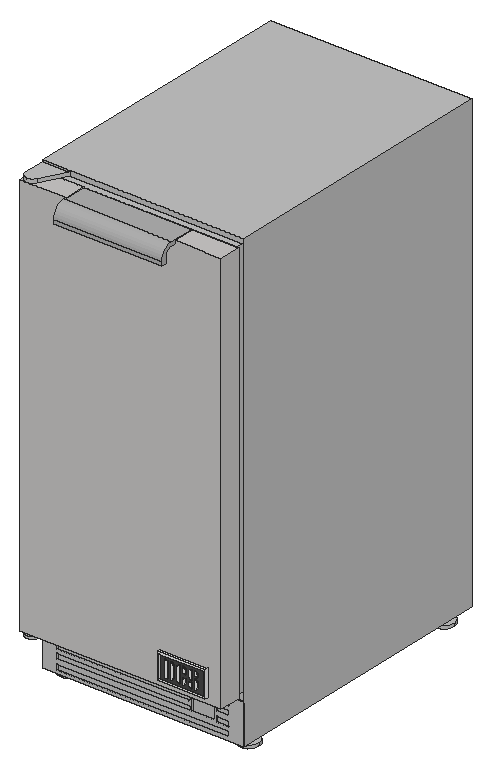
Revit family "RF15IL2_Outdoor_Fridge_9000xxxxxxA", category Specialty Equipment, Revit 2018
Family settings
  Round Connector Dimension = Use Diameter
  Part Type = Normal
  OmniClass Number = 23.40.40.00
  OmniClass Title = Food Service Equipment and Furnishings
  Work Plane-Based = No
  Always vertical = Yes
  Cut with Voids When Loaded = Yes
  Shared = No
  Room Calculation Point = No
Parameters
  Visibility - Clearance Required = yes
  URL = "www.dcsappliances.com"
  Product - Width = 378 mm  # constant formula
  Product - Height (870mm to 889mm) = 870 mm
  Product - Depth = 630 mm  # constant formula
  Model = "RF15IL2"
  Material - Handle = DCS - Aluminium
  Material - Door Front = DCS - Stainless Steel
  Material - Body = DCS - Grey
  Manufacturer = "Fisher & Paykel Appliances"
  Keynote = ""
  Description = "Outdoor Clear Ice Maker"
  Connector Description - Electrical = "110-120 V, 60 Hz, 15 A dedicated circuit"
  Chassis - Width = 378 mm  # constant formula
  Chassis - Height = 854 mm  # constant formula
  Chassis - Depth = 546 mm  # constant formula
  Cavity - Width = 381 mm  # constant formula
  Cavity - Height (876mm to 895mm) = 889 mm  # constant formula
  Cavity - Depth = 610 mm  # constant formula
Reference planes
  plane 1 "Center (Front/Back)": y = 0
  plane 2: z = 0
  plane 3 "Center (Left/Right)": x = 0
  plane 4 "Product - LHS": x = -189
  plane 5 "Product - RHS": x = 189
  plane 6 "Cavity - LHS": x = -190.5
  plane 7 "Cavity - RHS": x = 190.5
  plane 8 "Product - Height": z = 870
  plane 9 "Cavity - Height": z = 876
  plane 10 "Chassis - Base": z = 16
  plane 11 "Door Front": y = -54
  plane 12 "Product - Depth": y = 546
  plane 13 "Cavity - Depth": y = 610
Forms (mm)
  Extrusion 1, solid, material "DCS - Grey" <- "Material - Body"
    sketch origin (0, 0, 0) x (0, 1, 0) y (0, 0, 1)
      loop
        line (0, 870) -> (0, 16) -> (534.001, 16) -> (534.001, 870) -> (0, 870)
    from -189 to 189
  Extrusion 2, solid, material "DCS - Aluminium" <- "Material - Handle"
    sketch origin (0, 0, 0) x (0, 1, 0) y (0, 0, 1)
      loop
        line (-13.13, 860.6) -> (-59.922, 860.6)
        arc (-59.922, 860.6) -> (-76.948, 853.548) -> (-84, 836.522) r 24.078
        line (-84, 836.522) -> (-84, 830.34) -> (-75.11, 830.34) -> (-75.11, 844.71)
        arc (-75.11, 844.71) -> (-69.603, 851.111) -> (-61.504, 853.5) r 14.926
        line (-61.504, 853.5) -> (-13.13, 853.5) -> (-13.13, 860.6)
    from -101.5 to 101.5
  Extrusion 3, solid, material "DCS - Grey" <- "Material - Body"
    sketch origin (0, 0, 1000) x (1, 0, 0) y (0, 0, 1)
      loop
        circle (-127.7, -859.9) r 7
    from -560.439 to -546
  Extrusion 4, solid, material "DCS - Clearance Required", visible <- "Visibility - Clearance Required", detail levels coarse
    sketch origin (0, 0, 0) x (1, 0, 0) y (0, 1, 0)
      loop
        line (-190.5, 610) -> (-190.5, 0) -> (190.5, 0) -> (190.5, 610) -> (-190.5, 610)
    from 0 to 876
  Extrusion 5, solid, material "DCS - Grey" <- "Material - Body"
    sketch origin (0, 0, 0) x (0, 1, 0) y (0, 0, 1)
      loop
        line (-13.13, 860.6) -> (-13.13, 107.384) -> (0, 107.384) -> (0, 860.6) -> (-13.13, 860.6)
    from -185.649 to 185.649
  Extrusion 6, solid, material "DCS - Grey" <- "Material - Body"
    sketch origin (0, 0, 0) x (1, 0, 0) y (0, 1, 0)
      loop
        circle (-168.3, 37) r 19
      loop
        circle (-168.3, 495.5) r 19
      loop
        circle (168.3, 37) r 19
      loop
        circle (168.3, 495.5) r 19
    from 0 to 4.9
  Extrusion 7, solid, material "DCS - Grey" <- "Material - Body"
    sketch origin (0, 0, 0) x (1, 0, 0) y (0, 1, 0)
      loop
        circle (-168.3, 495.5) r 6
      loop
        circle (-168.3, 37) r 6
      loop
        circle (168.3, 495.5) r 6
      loop
        circle (168.3, 37) r 6
    from 4.9 to 16
  Extrusion 8, solid, material "DCS - Clearance Required", visible <- "Visibility - Clearance Required", detail levels coarse
    sketch origin (0, 0, 0) x (1, 0, 0) y (0, 1, 0)
      loop
        line (-189, -54) -> (-189, -141.528) -> (-219, -141.528) -> (-219, -344.472) -> (-189, -344.472) -> (-189, -432)
        arc (-189, -432) -> (78.286, -321.286) -> (189, -54) r 378
        line (189, -54) -> (-189, -54)
    from 102.24 to 860.6
  Extrusion 9, solid, material "DCS - Grey" <- "Material - Body", detail levels fine
    sketch origin (0, 0, 0) x (1, 0, 0) y (0, 1, 0)
      loop
        line (-163.724, -45.856) -> (-138.951, 0) -> (-189, 0) -> (-189, -40.895)
        arc (-189, -40.895) -> (-178.403, -53.774) -> (-163.724, -45.856) r 13.125
    from 860.6 to 866.898
  Extrusion 10, solid, material "DCS - Grey" <- "Material - Body", detail levels fine
    sketch origin (0, 0, 0) x (1, 0, 0) y (0, 1, 0)
      loop
        line (-163.724, -45.856) -> (-138.951, 0) -> (-189, 0) -> (-189, -40.895)
        arc (-189, -40.895) -> (-178.403, -53.774) -> (-163.724, -45.856) r 13.125
    from 93.901 to 97.228
  Extrusion 11, void
    sketch origin (0, 0, 0) x (1, 0, 0) y (0, 1, 0)
      loop
        line (-190.5, 610) -> (-190.5, 0) -> (190.5, 0) -> (190.5, 610) -> (-190.5, 610)
    from 0 to 876
  Extrusion 12, solid, material "DCS - Stainless Steel" <- "Material - Door Front"
    sketch origin (0, 0, 0) x (1, 0, 0) y (0, 0, 1)
      loop
        line (-189, 860.6) -> (-189, 102.24) -> (189, 102.24) -> (189, 860.6) -> (101.5, 860.6) -> (101.5, 853.5) -> (-101.5, 853.5) -> (-101.5, 860.6) -> (-189, 860.6)
    from 13.13 to 54
  Extrusion 13, solid, material "DCS - Grey" <- "Material - Body"
    sketch origin (0, 0, 0) x (0, 1, 0) y (0, 0, 1)
      loop
        line (534.001, 857.291) -> (534.001, 219.208) -> (546, 219.208) -> (546, 857.291) -> (534.001, 857.291)
    from -170 to 170
  Extrusion 14, solid, material "DCS - Grey" <- "Material - Body", detail levels fine
    sketch origin (0, 0, 0) x (1, 0, 0) y (0, 0, 1)
      loop
        line (-189, 92.2) -> (-189, 16) -> (189, 16) -> (189, 92.2) -> (-189, 92.2)
      loop
        line (-161.503, 85.316) -> (-161.503, 75.714) -> (161.503, 75.714) -> (161.503, 85.316) -> (-161.503, 85.316)
      loop
        line (-161.503, 67.703) -> (-161.503, 58.103) -> (89.122, 58.103) -> (89.122, 67.703) -> (-161.503, 67.703)
      loop
        line (-161.503, 50.097) -> (-161.503, 40.488) -> (89.122, 40.488) -> (89.122, 50.097) -> (-161.503, 50.097)
      loop
        line (-161.503, 32.484) -> (-161.503, 22.882) -> (161.503, 22.882) -> (161.503, 32.484) -> (-161.503, 32.484)
      loop
        line (138.096, 67.703) -> (138.096, 58.103) -> (161.503, 58.103) -> (161.503, 67.703) -> (138.096, 67.703)
      loop
        line (138.096, 50.097) -> (138.096, 40.488) -> (161.503, 40.488) -> (161.503, 50.097) -> (138.096, 50.097)
      loop
        line (92.19, 69.995) -> (92.19, 42.464) -> (135.024, 42.464) -> (135.024, 69.995) -> (92.19, 69.995)
    from 0 to 1
  Extrusion 15, solid, material "DCS - Grey" <- "Material - Body", detail levels fine
    sketch origin (0, 0, 0) x (1, 0, 0) y (0, 0, 1)
      loop
        circle (-127.7, 140.1) r 15.6
    from -546 to -534.001
Text (mm)
  text "Due to ongoing product development, product details are subject to change without notice. \nPlease always refer to www.fisherpaykel.com for the most current product information. \n© Fisher & Paykel 2020" at (41.04, -459.323, 0), in view "Ref. Level (Plan)"
Dimensions and locks
  equal spacing: plane 4 "Product - LHS", plane 3 "Center (Left/Right)", plane 5 "Product - RHS"
  plane 4 "Product - LHS" to plane 5 "Product - RHS" = 378 mm
  equal spacing: plane 6 "Cavity - LHS", plane 3 "Center (Left/Right)", plane 7 "Cavity - RHS"
  "Cavity - Width": plane 6 "Cavity - LHS" to plane 7 "Cavity - RHS"
  "Product - Height (870mm to 889mm)": plane 8 "Product - Height" to level
  locked: plane 9 "Cavity - Height" to plane 8 "Product - Height" at 6
  "Chassis - Height": plane 8 "Product - Height" to plane 10 "Chassis - Base"
  equal spacing: Extrusion 5, plane 3 "Center (Left/Right)", Extrusion 5
  locked: Extrusion 3 sketch curve to plane 10 "Chassis - Base" at 124.1
  locked: Extrusion 6 to level at 4.9
  locked: plane 10 "Chassis - Base" to Extrusion 8 at 86.24
  locked: plane 10 "Chassis - Base" to Extrusion 10 at 77.901
  locked: Extrusion 10 to Extrusion 10 at 3.327
  locked: plane 8 "Product - Height" to Extrusion 9 at 3.102  (x2)
  locked: nested 1 to plane 10 "Chassis - Base" at 146.24
  locked: plane 8 "Product - Height" to Extrusion 8 at 9.4
  "Product - Width": plane 4 "Product - LHS" to plane 5 "Product - RHS"
  locked: plane 10 "Chassis - Base" to Extrusion 15 sketch curve at 124.1
  locked: plane 11 "Door Front" to Extrusion 2 at 30
  "Chassis - Depth": plane 12 "Product - Depth" to plane 1 "Center (Front/Back)"
  "Product - Depth": plane 12 "Product - Depth" to Extrusion 2
  plane 13 "Cavity - Depth" to plane 1 "Center (Front/Back)" = 610 mm
  aligned and locked: level to plane 2
  aligned and locked: Extrusion 1 to plane 5 "Product - RHS"
  aligned and locked: plane 4 "Product - LHS" to Extrusion 1
  aligned and locked: plane 8 "Product - Height" to Extrusion 1
  aligned and locked: Extrusion 4 to level
  aligned and locked: plane 9 "Cavity - Height" to Extrusion 4
  aligned and locked: Extrusion 6 to level
  aligned and locked: Extrusion 7 to Extrusion 1
  aligned and locked: Extrusion 7 to Extrusion 6
  aligned and locked: Extrusion 1 to plane 10 "Chassis - Base"
  aligned and locked: Extrusion 11 to Extrusion 4  (x2)
  aligned and locked: Extrusion 9 to Extrusion 2
  aligned and locked: Extrusion 1 to Extrusion 13 sketch curve
  aligned and locked: Extrusion 12 to Extrusion 2
  aligned and locked: Extrusion 14 sketch curve to Extrusion 14 sketch curve
Automatic sketch dimensions
  plane 11 "Door Front" to Extrusion 2 sketch curve = 40.87 mm
  Extrusion 2 sketch curve to Extrusion 2 sketch curve = 46.792 mm
  Extrusion 2 sketch curve to Extrusion 2 sketch curve = 1.582 mm
  Extrusion 2 sketch curve to Extrusion 2 sketch curve = 13.606 mm
  Extrusion 2 sketch curve to Extrusion 2 sketch curve = 8.89 mm
  Extrusion 2 sketch curve to plane 8 "Product - Height" = 39.66 mm
  Extrusion 2 sketch curve to Extrusion 2 sketch curve = 6.182 mm
  Extrusion 2 sketch curve to Extrusion 2 sketch curve = 2.052 mm
  Extrusion 2 sketch curve to Extrusion 2 sketch curve = 8.188 mm
  plane 5 "Product - RHS" to Extrusion 3 sketch curve = 316.7 mm
  plane 1 "Center (Front/Back)" to Extrusion 4 sketch curve = 0 mm
  Extrusion 4 sketch curve to plane 6 "Cavity - LHS" = 0 mm
  Extrusion 4 sketch curve to plane 7 "Cavity - RHS" = 0 mm
  Extrusion 5 sketch curve to plane 1 "Center (Front/Back)" = 0 mm
  plane 1 "Center (Front/Back)" to Extrusion 5 sketch curve = 13.13 mm
  Extrusion 6 sketch curve to plane 4 "Product - LHS" = 20.7 mm  (x2)
  plane 5 "Product - RHS" to Extrusion 6 sketch curve = 20.7 mm  (x2)
  Extrusion 6 sketch curve to plane 1 "Center (Front/Back)" = 37 mm  (x2)
  Extrusion 7 sketch curve to plane 4 "Product - LHS" = 20.7 mm  (x2)
  plane 5 "Product - RHS" to Extrusion 7 sketch curve = 20.7 mm  (x2)
  Extrusion 7 sketch curve to plane 1 "Center (Front/Back)" = 37 mm  (x2)
  Extrusion 9 sketch curve to plane 4 "Product - LHS" = 0 mm
  plane 1 "Center (Front/Back)" to Extrusion 9 sketch curve = 0 mm
  Extrusion 9 sketch curve to Extrusion 9 sketch curve = 13.125 mm
  plane 11 "Door Front" to Extrusion 9 sketch curve = 8.144 mm
  Extrusion 9 sketch curve to Extrusion 9 sketch curve = 12.151 mm
  Extrusion 9 sketch curve to plane 4 "Product - LHS" = 50.049 mm
  Extrusion 10 sketch curve to plane 4 "Product - LHS" = 0 mm
  plane 1 "Center (Front/Back)" to Extrusion 10 sketch curve = 0 mm
  Extrusion 10 sketch curve to Extrusion 10 sketch curve = 13.125 mm
  plane 11 "Door Front" to Extrusion 10 sketch curve = 8.144 mm
  Extrusion 10 sketch curve to Extrusion 10 sketch curve = 12.151 mm
  Extrusion 10 sketch curve to plane 4 "Product - LHS" = 50.049 mm
  plane 1 "Center (Front/Back)" to Extrusion 11 sketch curve = 0 mm
  Extrusion 11 sketch curve to plane 6 "Cavity - LHS" = 0 mm
  Extrusion 11 sketch curve to plane 7 "Cavity - RHS" = 0 mm
  plane 4 "Product - LHS" to Extrusion 12 sketch curve = 0 mm
  plane 5 "Product - RHS" to Extrusion 12 sketch curve = 0 mm
  Extrusion 12 sketch curve to plane 3 "Center (Left/Right)" = 101.5 mm
  Extrusion 12 sketch curve to plane 8 "Product - Height" = 16.5 mm
  plane 5 "Product - RHS" to Extrusion 12 sketch curve = 87.5 mm
  plane 10 "Chassis - Base" to Extrusion 12 sketch curve = 86.24 mm
  Extrusion 12 sketch curve to Extrusion 12 sketch curve = 7.1 mm  (x2)
  plane 10 "Chassis - Base" to Extrusion 5 sketch curve = 91.384 mm
  Extrusion 5 sketch curve to plane 8 "Product - Height" = 9.4 mm
  Extrusion 1 sketch curve to plane 1 "Center (Front/Back)" = 0 mm
  Extrusion 1 sketch curve to plane 10 "Chassis - Base" = 0 mm
  Extrusion 1 sketch curve to plane 8 "Product - Height" = 0 mm
  plane 10 "Chassis - Base" to Extrusion 13 sketch curve = 203.208 mm
  Extrusion 13 sketch curve to plane 8 "Product - Height" = 12.709 mm
  plane 4 "Product - LHS" to Extrusion 14 sketch curve = 0 mm
  plane 5 "Product - RHS" to Extrusion 14 sketch curve = 0 mm
  Extrusion 14 sketch curve to plane 10 "Chassis - Base" = 0 mm
  Extrusion 14 sketch curve to plane 4 "Product - LHS" = 27.497 mm  (x2)
  Extrusion 14 sketch curve to Extrusion 14 sketch curve = 0 mm  (x6)
  plane 10 "Chassis - Base" to Extrusion 14 sketch curve = 42.103 mm
  plane 3 "Center (Left/Right)" to Extrusion 14 sketch curve = 89.122 mm
  Extrusion 14 sketch curve to Extrusion 14 sketch curve = 3.068 mm
  Extrusion 14 sketch curve to Extrusion 14 sketch curve = 42.833 mm
  Extrusion 14 sketch curve to Extrusion 14 sketch curve = 3.072 mm
  Extrusion 14 sketch curve to Extrusion 14 sketch curve = 23.407 mm
  plane 10 "Chassis - Base" to Extrusion 14 sketch curve = 6.882 mm
  Extrusion 14 sketch curve to Extrusion 14 sketch curve = 9.602 mm  (x2)
  plane 10 "Chassis - Base" to Extrusion 14 sketch curve = 24.488 mm
  Extrusion 14 sketch curve to Extrusion 14 sketch curve = 17.615 mm
  Extrusion 14 sketch curve to Extrusion 14 sketch curve = 1.976 mm
  Extrusion 14 sketch curve to Extrusion 14 sketch curve = 8.006 mm  (x2)
  Extrusion 14 sketch curve to Extrusion 14 sketch curve = 9.609 mm
  Extrusion 14 sketch curve to Extrusion 14 sketch curve = 9.6 mm  (x2)
  Extrusion 14 sketch curve to Extrusion 14 sketch curve = 2.292 mm
  Extrusion 14 sketch curve to Extrusion 14 sketch curve = 8.011 mm
  Extrusion 14 sketch curve to Extrusion 14 sketch curve = 6.884 mm
  Extrusion 15 sketch curve to plane 4 "Product - LHS" = 61.3 mm
  Extrusion 8 sketch curve to plane 4 "Product - LHS" = 0 mm  (x2)
  Extrusion 8 sketch curve to plane 5 "Product - RHS" = 0 mm
  Extrusion 8 sketch curve to plane 11 "Door Front" = 0 mm
  plane 4 "Product - LHS" to Extrusion 8 sketch curve = 30 mm
  Extrusion 8 sketch curve to Extrusion 8 sketch curve = 87.528 mm
  Extrusion 8 sketch curve to plane 11 "Door Front" = 87.528 mm
  Extrusion 13 sketch curve to Extrusion 13 sketch curve = 11.999 mm
  Extrusion 1 sketch curve to plane 12 "Product - Depth" = 11.999 mm
  plane 12 "Product - Depth" to Extrusion 4 sketch curve = 64 mm
  Extrusion 6 sketch curve to plane 12 "Product - Depth" = 50.5 mm  (x2)
  Extrusion 7 sketch curve to plane 12 "Product - Depth" = 50.5 mm  (x2)
  plane 12 "Product - Depth" to Extrusion 11 sketch curve = 64 mm
  radius of Extrusion 3 sketch curve = 7 mm
  radius of Extrusion 6 sketch curve = 19 mm  (x4)
  radius of Extrusion 7 sketch curve = 6 mm  (x4)
  radius of Extrusion 15 sketch curve = 15.6 mm
Nested families
  nested 1: "DCS Logo New Large" at (118.6, -54, 137.74), type "DCS Logo New Large"
Connectors
  electrical at (-127.7, 560.439, 140.1), driven by "Connector Description - Electrical"
    settings: on Extrusion 3, index 1, voltage 120 V, apparent load 0 VA, apparent load phase1 0 VA, apparent load phase2 0 VA, apparent load phase3 0 VA, power factor 1, load classification "Other", number of poles 1, system type 30, power factor state 1, is connector primary yes, connector utility no, sub classification motor no, connector description "110-120 V, 60 Hz, 15 A dedicated circuit"
Definition of nested family "DCS Logo New Large"
  Parameters (values of type "DCS Logo New Large")
    URL = "www.dcsappliances.com"
    Product - Width = 89.45 mm
    Product - Height = 49 mm
    Product - Depth = 6 mm
    Material - Logo = none
    Material - Body = none
    Manufacturer = "Fisher & Paykel Appliances"
  Reference planes
    plane 1 "Center (Front/Back)": y = 0
    plane 2: z = 0
    plane 3 "Center (Left/Right)": x = 0
    plane 4 "Product Top": z = 24.5
    plane 5 "Product LHS": x = -44.725
    plane 6 "Product RHS": x = 44.725
    plane 7 "Product - Depth": y = -6
    plane 8 "Product Bottom": z = -24.5
  Forms (mm)
    Extrusion 1, solid, material <- "Material - Logo", detail levels medium+fine
      sketch origin (0, 0, -0.347) x (1, 0, 0) y (0, 0, 1)
        loop
          line (-44.725, 24.847) -> (-44.725, -24.153) -> (44.725, -24.153) -> (44.725, 24.847) -> (-44.725, 24.847)
        loop
          line (-41.725, 21.847) -> (-41.725, -21.153) -> (41.725, -21.153) -> (41.725, 21.847) -> (-41.725, 21.847)
      from 0 to 6
    Extrusion 2, solid, material <- "Material - Body", detail levels medium+fine
      sketch origin (0, 0, 0) x (1, 0, 0) y (0, 0, 1)
        loop
          line (-41.725, 21.5) -> (-41.725, -21.5) -> (41.725, -21.5) -> (41.725, 21.5) -> (-41.725, 21.5)
      from 0 to 4.974
    Extrusion 3, solid, material <- "Material - Logo", detail levels fine
      sketch origin (0, 0, 0) x (1, 0, 0) y (0, 0, 1)
        loop
          line (-31.141, 15.364) -> (-31.141, -15.364) -> (-25.323, -15.364) -> (-25.323, 15.364) -> (-31.141, 15.364)
        loop
          arc (-20.07, -15.416) -> (-15.93, -13.415) -> (-14.252, -9.134) r 6.301
          line (-14.252, -9.134) -> (-14.252, 9.134)
          arc (-14.252, 9.134) -> (-15.93, 13.414) -> (-20.07, 15.412) r 6.296
          line (-20.07, 15.412) -> (-20.07, -15.416)
        loop
          arc (-8.445, -9.134) -> (-6.767, -13.414) -> (-2.627, -15.412) r 6.296
          line (-2.627, -15.412) -> (-2.627, 15.416)
          arc (-2.627, 15.416) -> (-6.767, 13.415) -> (-8.445, 9.134) r 6.301
          line (-8.445, 9.134) -> (-8.445, -9.134)
        loop
          arc (2.627, -15.377) -> (6.765, -13.401) -> (8.445, -9.134) r 6.259
          line (8.445, -9.134) -> (8.445, -4.011) -> (2.627, -4.011) -> (2.627, -15.377)
        loop
          arc (8.445, 9.134) -> (6.767, 13.414) -> (2.627, 15.412) r 6.296
          line (2.627, 15.412) -> (2.627, 4.011) -> (8.445, 4.011) -> (8.445, 9.134)
        loop
          line (20.07, -2.527) -> (20.07, 15.375)
          arc (20.07, 15.375) -> (15.932, 13.4) -> (14.252, 9.134) r 6.257
          line (14.252, 9.134) -> (14.252, 4.145)
          arc (14.252, 4.145) -> (16.005, -0.199) -> (20.07, -2.527) r 7.155
        loop
          line (14.252, -6.875) -> (14.252, -9.134)
          arc (14.252, -9.134) -> (15.93, -13.414) -> (20.07, -15.412) r 6.296
          line (20.07, -15.412) -> (20.07, -6.875) -> (14.252, -6.875)
        loop
          line (25.323, 2.499) -> (25.323, -15.378)
          arc (25.323, -15.378) -> (29.461, -13.401) -> (31.141, -9.134) r 6.259
          line (31.141, -9.134) -> (31.141, -4.145)
          arc (31.141, -4.145) -> (29.481, 0.271) -> (25.323, 2.499) r 6.702
        loop
          line (25.323, 6.875) -> (31.141, 6.875) -> (31.141, 9.134)
          arc (31.141, 9.134) -> (29.464, 13.419) -> (25.323, 15.427) r 6.313
          line (25.323, 15.427) -> (25.323, 6.875)
      from 4.974 to 6
  Dimensions and locks
    plane 7 "Product - Depth" to plane 1 "Center (Front/Back)" = 6 mm
    equal spacing: Extrusion 1 sketch curve, plane 3 "Center (Left/Right)", Extrusion 1 sketch curve
    "Product - Depth": plane 7 "Product - Depth" to plane 1 "Center (Front/Back)"
    equal spacing: plane 4 "Product Top", level, plane 8 "Product Bottom"
    "Product - Height": plane 4 "Product Top" to plane 8 "Product Bottom"
    equal spacing: plane 5 "Product LHS", plane 3 "Center (Left/Right)", plane 6 "Product RHS"
    "Product - Width": plane 5 "Product LHS" to plane 6 "Product RHS"
    aligned and locked: level to plane 2
    aligned and locked: Extrusion 1 to plane 7 "Product - Depth"
    aligned and locked: Extrusion 3 to plane 7 "Product - Depth"
    aligned and locked: plane 6 "Product RHS" to Extrusion 1 sketch curve
    aligned and locked: Extrusion 1 sketch curve to plane 4 "Product Top"
    aligned and locked: plane 8 "Product Bottom" to Extrusion 1 sketch curve
    aligned and locked: Extrusion 1 sketch curve to plane 5 "Product LHS"
    aligned and locked: Extrusion 2 sketch curve to Extrusion 1  (x4)
  Automatic sketch dimensions
    Extrusion 3 sketch curve to plane 5 "Product LHS" = 13.584 mm
    Extrusion 3 sketch curve to Extrusion 3 sketch curve = 5.818 mm  (x5)
    Extrusion 3 sketch curve to Extrusion 3 sketch curve = 4.771 mm
    Extrusion 3 sketch curve to Extrusion 3 sketch curve = 4.775 mm
    Extrusion 3 sketch curve to Extrusion 3 sketch curve = 6.296 mm
    Extrusion 3 sketch curve to Extrusion 3 sketch curve = 5.807 mm  (x3)
    Extrusion 3 sketch curve to plane 3 "Center (Left/Right)" = 2.627 mm
    Extrusion 3 sketch curve to plane 3 "Center (Left/Right)" = 2.149 mm
    Extrusion 3 sketch curve to plane 3 "Center (Left/Right)" = 2.144 mm
    plane 3 "Center (Left/Right)" to Extrusion 3 sketch curve = 2.148 mm
    plane 3 "Center (Left/Right)" to Extrusion 3 sketch curve = 2.186 mm
    plane 3 "Center (Left/Right)" to Extrusion 3 sketch curve = 2.627 mm  (x2)
    Extrusion 3 sketch curve to level = 2.527 mm
    Extrusion 3 sketch curve to Extrusion 3 sketch curve = 0 mm  (x3)
    Extrusion 3 sketch curve to Extrusion 3 sketch curve = 0.439 mm
    Extrusion 3 sketch curve to Extrusion 3 sketch curve = 0.478 mm
    level to Extrusion 3 sketch curve = 4.504 mm
    Extrusion 3 sketch curve to Extrusion 3 sketch curve = 0.889 mm
    Extrusion 3 sketch curve to Extrusion 3 sketch curve = 4.369 mm
    Extrusion 3 sketch curve to Extrusion 3 sketch curve = 4.32 mm
    Extrusion 3 sketch curve to Extrusion 3 sketch curve = 4.334 mm
    Extrusion 3 sketch curve to Extrusion 3 sketch curve = 5.254 mm  (x3)
    Extrusion 3 sketch curve to Extrusion 3 sketch curve = 6.702 mm
    Extrusion 3 sketch curve to level = 4.011 mm
    Extrusion 3 sketch curve to level = 4.145 mm
    Extrusion 3 sketch curve to Extrusion 3 sketch curve = 2.865 mm
    Extrusion 3 sketch curve to Extrusion 3 sketch curve = 4.989 mm
    Extrusion 3 sketch curve to Extrusion 3 sketch curve = 5.123 mm  (x2)
    Extrusion 3 sketch curve to Extrusion 3 sketch curve = 2.259 mm  (x2)
    Extrusion 3 sketch curve to level = 9.134 mm
    Extrusion 3 sketch curve to Extrusion 3 sketch curve = 6.23 mm  (x2)
    level to Extrusion 3 sketch curve = 4.011 mm
    level to Extrusion 3 sketch curve = 6.875 mm
    level to Extrusion 3 sketch curve = 9.134 mm
    Extrusion 3 sketch curve to Extrusion 3 sketch curve = 4.63 mm
    Extrusion 1 sketch curve to plane 5 "Product LHS" = 3 mm
    Extrusion 1 sketch curve to plane 4 "Product Top" = 3 mm
    plane 8 "Product Bottom" to Extrusion 1 sketch curve = 3 mm
